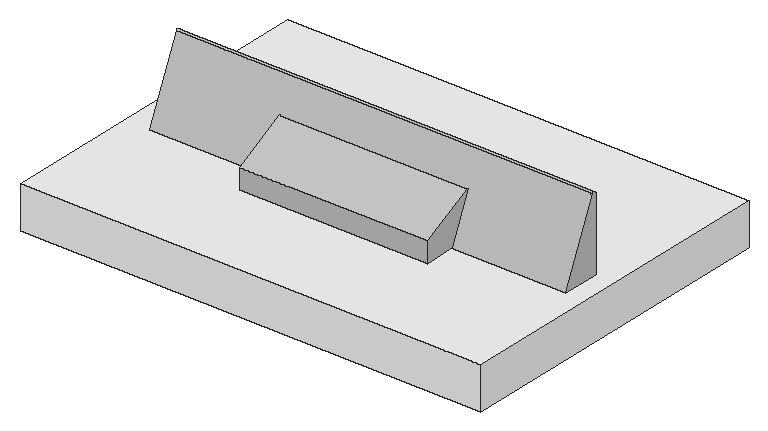
Revit family "WSW4120", category Plumbing Fixtures, host Face, Revit 2022
Family settings
  Host = Face
  Round Connector Dimension = Use Diameter
  Part Type = Normal
  OmniClass Number = 23.45.05.14.14
  OmniClass Title = Sinks/Lavatories
  Cut with Voids When Loaded = No
  Maintain Annotation Orientation = No
  Shared = Yes
  Room Calculation Point = No
Parameters (values of type "WSW4120-TC2")
  Width = 21 5/8"  # constant formula
  Waste Connection Radius = 3/4"
  Waste Connection Diameter = Waste Connection Radius * 2  # 1 1/2"
  Waste Connection = yes
  WFU = 4  # constant formula
  Vent Connection = no
  URL = "https://acorneng.com/home"
  Type Comments = "WEDGE™ Stainless Steel Trough Sink"  # constant formula
  Sink Inner Width = 15 3/4"  # constant formula
  Sink Inner Length = 117 5/8"  # constant formula
  SW000 - PTC Daisy Strainer, Tailpiece, 1-1/2” P-Trap, Chrome = no
  SW000 - PT Daisy Strainer, Tailpiece, 1-1/2” P-Trap, Plastic = no
  SW000 - F70 S/T Pushbutton Metering Faucet, Plate = no
  SW000 - F60 S/T Sensor Operated Faucet,J Spout, Plate = no
  SW000 - F51 H&C Wristblade Faucet, Spout = no
  SW000 - F50 H&C Wristblade Faucet, Gooseneck Spout = no
  Product Page URL = "https://www.acorneng.com/product.aspx?ProductId=3664"
  Product Documentation Link = "https://www.acorneng.com/uploads/fileLibrary/WSW000.pdf"
  Price = "Prices may vary. Please consult Manufacturer Representative for most up-to-date price list."  # constant formula
  PS1000 - PS Pump Soap Dispenser, Specify number = no
  Model = "WSW4120"  # constant formula
  Manufacturer = "Acorn Engineering"  # constant formula
  Length = 119 5/8"  # constant formula
  Installation Type = "Wall Mounted"  # constant formula
  IAPMO Compliance = "Complies with UPC/cUPC and ASME A112.19.3"  # constant formula
  Hot Water Connection Radius = 21/32"  # constant formula
  Hot Water Connection Diameter = Hot Water Connection Radius * 2  # 1 5/16"
  Height = 19 1/4"  # constant formula
  HWFU = 3  # constant formula
  HW Connection = yes
  Flow Rate = "0.5 GPM (1.9 LPM) for faucet type"
  EG - Enviro-Glaze, Specify Color = no
  Diameter For Soap Knockout = 1 3/8"  # constant formula
  Description = "Neo-Metro® by Acorn® provides this durable, stainless steel trough sink. It is available in sizes to accommodate from one to four users. The design is perfect for high-traffic restrooms, incorporating ample personal space while reducing wet, slippery floors.\r\n\r\nThe WSW000 Series hand washing station is wall mounted and features a unique “wedge”-shaped trough (patent pending) with a polished stainless steel finish and rounded corners.\r\n\r\nOptional trap enclosures are available to conceal hot and cold mixing valves and supply/waste connections while providing easy maintenance access. The enclosure is fabricated of 16 gauge, type 304 stainless steel with a satin finish. It is available in 24\" (610 mm) or 54\" (1,372 mm) widths.\r\n\r\nWhen mounted at 34\" (864 mm) from the finished floor, the fixture will comply with ANSI, UFAS, CBC, OBC, and ADA requirements. Compliance is subject to the interpretation and requirements of the local code authority."
  Default Elevation = 34"
  DSW000-TC2Accessory: Single 54" Wide Trap Enclosure = yes
  Creation Date = "02/12/2021"  # constant formula
  Cold Water Connection Radius = 21/32"  # constant formula
  Cold Water Connection Diameter = Cold Water Connection Radius * 2  # 1 5/16"
  CWFU = 3  # constant formula
  CW Connection = yes
  Bowl Shape = "Trough"  # constant formula
  Body Material = Metal-Acorn-304-Stainless_Steel-16-Gauge
  Trap Enclosure Width = 54"  # constant formula
  Assembly Code = "D2010440"
  ADA Compliant = yes
Reference planes (in)
  plane 1 "Center (Front/Back)": y = 0
  plane 2: z = 0
  plane 3 "Center (Left/Right)": x = 0
  plane 4: x = 59.8125
  plane 5: x = -59.8125
  plane 6: z = 21.625
  plane 7: x = -58.8125
  plane 8: x = 58.8125
  plane 9: z = 20.0625
  plane 10: z = 4.3125
  plane 11: y = -2.5
  plane 12: y = 1
  plane 13: y = -34
  plane 14: y = -19.25
  plane 15: x = 27
  plane 16: x = -27
  plane 17: z = 6.1875
  plane 18: y = -3.5
  plane 19: z = 2.4375
  plane 20: z = 2.3125
  plane 21: x = 46.8125
  plane 22: x = 43.3125
  plane 23: x = 51.8125
  plane 24: y = 0.1
  plane 25: y = 2
  plane 26: y = -13
  plane 27: y = -8.75
  plane 28: y = -10
  plane 29: x = -9.25
  plane 30: x = -4.25
  plane 31: x = 9
  plane 32: x = 46.8125
  plane 33: x = -46.8125
  plane 34: x = 58.8125
  plane 35: x = 45.0625
  plane 36: x = 17.0625
  plane 37: x = 13.0625
  plane 38: x = 22.0625
  plane 39: x = 15.0625
  plane 40: x = -13.0625
  plane 41: x = -17.0625
  plane 42: x = -8.0625
  plane 43: x = -15.0625
  plane 44: x = -43.0625
  plane 45: x = -47.0625
  plane 46: x = -38.0625
  plane 47: x = -45.0625
Forms (in)
  Extrusion 1, solid, material "White"
    sketch origin (0, 0, 0) x (1, 0, 0) y (0, 1, 0)
      loop
        line (-67, 48) -> (-67, -48) -> (65.34541, -48) -> (65.34541, 48) -> (-67, 48)
    from 0 to -12
  Extrusion 2, solid, material "Metal-Acorn-304-Stainless_Steel-16-Gauge" <- "Body Material"
    sketch origin (15, 27.86079, 0) x (0, -1, 0) y (0, 0, -1)
      loop
        line (27.86079, 0) -> (27.86079, -21.12158)
        arc (27.86079, -21.12158) -> (28.26001, -21.61305) -> (28.82287, -21.32304) r 0.50213
        line (28.82287, -21.32304) -> (38.3165, 0) -> (27.86079, 0)
    from -74.8125 to 44.8125
  Extrusion 3, solid, material "Metal-Acorn-304-Stainless_Steel-16-Gauge" <- "Body Material", visible <- "DSW000-TC2Accessory: Single 54" Wide Trap Enclosure"
    sketch origin (59.8125, 27.86079, 0) x (0, -1, 0) y (0, 0, -1)
      loop
        line (47.11079, 0) -> (38.3165, 0) -> (32.63097, -12.76992) -> (47.11079, -5.73249) -> (47.11079, 0)
    from -86.8125 to -32.8125
  Extrusion 4, void
    sketch origin (15, -2.5, 0) x (0, 0, -1) y (1, 0, 0)
      loop
        circle (-6.1875, -15) r 0.75
    from -3.5 to 1
  Extrusion 5, void
    sketch origin (30, 0, 0) x (0, 0, -1) y (1, 0, 0)
      loop
        circle (-2.4375, 16.8125) r 0.65625
    from -1 to 2.5
  Extrusion 6, void
    sketch origin (0, 0, 0) x (0, 0, -1) y (1, 0, 0)
      loop
        circle (-2.4375, 43.3125) r 0.65625
    from -1 to 2.5
  Extrusion 7, solid, material "Metal-Acorn-304-Stainless_Steel-16-Gauge"
    sketch origin (37, 0, 0) x (0, 0, 1) y (1, 0, 0)
      loop
        circle (2.3125, 14.8125) r 0.6875
    from 0 to 0.1
  Extrusion 8, solid
    sketch origin (0, 0, 0) x (1, 0, 0) y (0, 1, 0)
      loop
        circle (0, -8.75) r 0.75
    from 0 to 0.1
  Extrusion 9, solid
    sketch origin (0, 0, 0) x (1, 0, 0) y (0, 1, 0)
      loop
        circle (-4.25, -13) r 0.65625
    from 0 to 0.1
  Extrusion 10, solid
    sketch origin (-13.5, 0, 0) x (-1, 0, 0) y (0, -1, 0)
      loop
        circle (-4.25, 13) r 0.65625
    from 0 to 0.1
  Extrusion 11, solid, material "Metal-Acorn-304-Stainless_Steel-16-Gauge"
    sketch origin (7.0625, 0, 0) x (0, 0, 1) y (1, 0, 0)
      loop
        circle (2.3125, 15) r 0.6875
    from 0 to 0.1
  Extrusion 12, void
    sketch origin (-30, 0, 0) x (0, 0, -1) y (1, 0, 0)
      loop
        circle (-2.4375, 43.0625) r 0.65625
    from -1 to 2.5
  Extrusion 13, void
    sketch origin (0, 0, 0) x (0, 0, -1) y (1, 0, 0)
      loop
        circle (-2.4375, 17.0625) r 0.65625
    from -1 to 2.5
  Extrusion 14, solid, material "Metal-Acorn-304-Stainless_Steel-16-Gauge"
    sketch origin (-23.25, 0, 0) x (0, 0, 1) y (1, 0, 0)
      loop
        circle (2.3125, 15.1875) r 0.6875
    from 0 to 0.1
  Extrusion 15, solid, material "Metal-Acorn-304-Stainless_Steel-16-Gauge"
    sketch origin (-53, 0, 0) x (0, 0, 1) y (1, 0, 0)
      loop
        circle (2.3125, 14.9375) r 0.6875
    from 0 to 0.1
  Extrusion 16, void
    sketch origin (-30, 0, 0) x (0, 0, -1) y (1, 0, 0)
      loop
        circle (-2.4375, 16.9375) r 0.65625
    from -1 to 2.5
  Extrusion 17, void
    sketch origin (-60, 0, 0) x (0, 0, -1) y (1, 0, 0)
      loop
        circle (-2.4375, 42.9375) r 0.65625
    from -1 to 2.5
  Extrusion 18, void
    sketch origin (-90, 0, 0) x (0, 0, -1) y (1, 0, 0)
      loop
        circle (-2.4375, 42.9375) r 0.65625
    from -1 to 2.5
  Extrusion 19, void
    sketch origin (-60, 0, 0) x (0, 0, -1) y (1, 0, 0)
      loop
        circle (-2.4375, 16.9375) r 0.65625
    from -1 to 2.5
  Extrusion 20, void
    sketch origin (-59.8125, 27.86079, 0) x (0, -1, 0) y (0, 0, -1)
      loop
        line (25.86079, -4.3125) -> (25.86079, -20.0625) -> (28.44961, -20.0625) -> (29.61079, -8.3125) -> (30.36079, -8.3125) -> (30.36079, -4.3125) -> (25.86079, -4.3125)
    from 1 to 118.625
  Extrusion 21, void
    sketch origin (28.25, 0, 0) x (0, 0, -1) y (1, 0, 0)
      loop
        circle (-2.4375, 16.8125) r 0.65625
    from -1 to 2.5
  Extrusion 22, void
    sketch origin (-2, 0, 0) x (0, 0, -1) y (1, 0, 0)
      loop
        circle (-2.4375, 17.0625) r 0.65625
    from -1 to 2.5
  Extrusion 23, void
    sketch origin (-32, 0, 0) x (0, 0, -1) y (1, 0, 0)
      loop
        circle (-2.4375, 16.9375) r 0.65625
    from -1 to 2.5
  Extrusion 24, void
    sketch origin (-62, 0, 0) x (0, 0, -1) y (1, 0, 0)
      loop
        circle (-2.4375, 16.9375) r 0.65625
    from -1 to 2.5
Cuts and joins
  Extrusion 4, Extrusion 5, Extrusion 6, Extrusion 12, Extrusion 13, Extrusion 16, Extrusion 17, Extrusion 18, Extrusion 19, Extrusion 20, Extrusion 21, Extrusion 22, Extrusion 23, Extrusion 24 cuts Extrusion 2
  Extrusion 4, Extrusion 5 cuts Extrusion 3
Lines and regions (in)
  Masking region 1
    outline origin (15, 0, 0) x (0, 0, 1) y (1, 0, 0)
      loop
        line (21.625, 44.8125) -> (0, 44.8125) -> (0, -74.8125) -> (21.625, -74.8125) -> (21.625, 44.8125)
  symbolic lines, detail levels medium+fine
    curve 1: line (58.625, 0, 20.0625) -> (58.625, 0, 4.3125)
    curve 2: line (-58.625, 0, 20.0625) -> (58.625, 0, 20.0625)
    curve 3: line (-58.625, 0, 4.3125) -> (-58.625, 0, 20.0625)
    curve 4: line (58.625, 0, 4.3125) -> (-58.625, 0, 4.3125)
    curve 5: circle (0, 0, 6.1875) r 0.75 normal (0, -1, 0)
    curve 6: circle (43.3125, 0, 2.4375) r 0.65625 normal (0, -1, 0)
    curve 7: circle (46.8125, 0, 2.4375) r 0.65625 normal (0, -1, 0)
    curve 9: circle (13.0625, 0, 2.43711) r 0.65586 normal (0, -1, 0)
    curve 10: circle (17.0625, 0, 2.43711) r 0.65586 normal (0, -1, 0)
    curve 13: circle (-13.0625, 0, 2.4375) r 0.65625 normal (0, -1, 0)
    curve 14: circle (-17.0625, 0, 2.4375) r 0.65625 normal (0, -1, 0)
    curve 16: circle (-43.0625, 0, 2.4375) r 0.65625 normal (0, -1, 0)
    curve 17: line (-58.625, 0, 8.3125) -> (58.625, 0, 8.3125)
    curve 18: circle (45.0625, 0, 2.4375) r 0.65625 normal (0, -1, 0)
    curve 19: circle (15.0625, 0, 2.43711) r 0.65586 normal (0, -1, 0)
    curve 20: circle (-15.0625, 0, 2.4375) r 0.65625 normal (0, -1, 0)
    curve 21: circle (-45.0625, 0, 2.4375) r 0.65625 normal (0, -1, 0)
    curve 22: circle (-47.0625, 0, 2.4375) r 0.65625 normal (0, -1, 0)
  symbolic lines, detail levels fine
    curve 8: circle (51.8125, 0, 2.3125) r 0.65625 normal (0, 1, 0)
    curve 11: circle (22.0625, 0, 2.3125) r 0.65625 normal (0, 1, 0)
    curve 12: circle (-8.0625, 0, 2.3125) r 0.65625 normal (0, 1, 0)
    curve 15: circle (-38.0625, 0, 2.3125) r 0.65625 normal (0, 1, 0)
Dimensions and locks (in)
  equal spacing: plane 5, plane 3 "Center (Left/Right)", plane 4
  "Length": plane 5 to plane 4
  "Width": level to plane 6
  plane 6 to plane 2 = 21 5/8"
  equal spacing: plane 7, plane 3 "Center (Left/Right)", plane 8
  "Sink Inner Width": plane 10 to plane 9
  locked: plane 11 to plane 1 "Center (Front/Back)" at 2.5
  locked: plane 1 "Center (Front/Back)" to plane 12 at 1
  locked: plane 9 to plane 6 at 1.5625
  "Default Elevation": plane 13 to plane 1 "Center (Front/Back)"
  "Height": plane 14 to plane 1 "Center (Front/Back)"
  equal spacing: plane 16, plane 3 "Center (Left/Right)", plane 15
  "Trap Enclosure Width": plane 16 to plane 15
  locked: plane 18 to plane 11 at 1
  plane 19 to plane 10 = 1 7/8"
  plane 20 to plane 10 = 2"
  cut or joined group 1 (Extrusion 2, Extrusion 4, Extrusion 5, Extrusion 6, Extrusion 12, Extrusion 13, Extrusion 16, Extrusion 17, Extrusion 18, Extrusion 19, Extrusion 20, Extrusion 21, Extrusion 22, Extrusion 23, Extrusion 24) to plane 24 to plane 12 = 0.1" locked, 0.9"
  plane 1 "Center (Front/Back)" to plane 25 = 2"
  plane 27 to plane 13 = 25 1/4"
  plane 26 to plane 13 = 21"
  plane 28 to plane 13 = 24"
  plane 29 to plane 3 "Center (Left/Right)" = 9 1/4"
  plane 29 to plane 30 = 5"
  plane 3 "Center (Left/Right)" to plane 31 = 9"
  equal spacing: plane 33, plane 3 "Center (Left/Right)", plane 32
  plane 5 to plane 33 = 13"
  plane 3 "Center (Left/Right)" to plane 33 = 46 13/16"
  plane 22 to plane 21 = 3 1/2"
  locked: plane 21 to plane 23 at 5
  plane 32 to plane 34 = 12"
  plane 7 to plane 33 = 12"
  equal spacing: plane 22, plane 35, plane 21
  plane 35 to plane 4 = 14 3/4"
  locked: plane 37 to plane 36 at 4
  locked: plane 36 to plane 38 at 5
  equal spacing: plane 37, plane 39, plane 36
  locked: plane 41 to plane 40 at 4
  locked: plane 40 to plane 42 at 5
  equal spacing: plane 41, plane 43, plane 40
  plane 45 to plane 44 = 4"
  locked: plane 44 to plane 46 at 5
  equal spacing: plane 45, plane 47, plane 44
  plane 5 to plane 47 = 14 3/4"
  plane 47 to plane 43 = 30"
  "Sink Inner Length": plane 34 to plane 7
  plane 39 to plane 35 = 30"
  plane 5 to plane 4 = 119 5/8"
  plane 6 to Extrusion 1 = 21 5/8"
  "Waste Connection Radius": radius of Extrusion 4 sketch curve
  "Cold Water Connection Radius": radius of Extrusion 5 sketch curve
  "Hot Water Connection Radius": radius of Extrusion 6 sketch curve
  "Diameter For Soap Knockout": diameter of Extrusion 7 sketch curve
  "Waste Connection Radius": radius of Extrusion 8 sketch curve
  "Cold Water Connection Radius": radius of Extrusion 9 sketch curve
  "Cold Water Connection Radius": radius of Extrusion 10 sketch curve
  "Diameter For Soap Knockout": diameter of Extrusion 11 sketch curve
  "Hot Water Connection Radius": radius of Extrusion 12 sketch curve
  "Cold Water Connection Radius": radius of Extrusion 13 sketch curve
  "Diameter For Soap Knockout": diameter of Extrusion 14 sketch curve
  "Diameter For Soap Knockout": diameter of Extrusion 15 sketch curve
  "Cold Water Connection Radius": radius of Extrusion 16 sketch curve
  "Hot Water Connection Radius": radius of Extrusion 17 sketch curve
  "Hot Water Connection Radius": radius of Extrusion 18 sketch curve
  "Cold Water Connection Radius": radius of Extrusion 19 sketch curve
  "Cold Water Connection Radius": radius of Extrusion 21 sketch curve
  "Cold Water Connection Radius": radius of Extrusion 22 sketch curve
  "Cold Water Connection Radius": radius of Extrusion 23 sketch curve
  "Cold Water Connection Radius": radius of Extrusion 24 sketch curve
  aligned and locked: plane 2 to Extrusion 1
  aligned and locked: level to Extrusion 1
  aligned and locked: plane 5 to Extrusion 2
  aligned and locked: Extrusion 2 to plane 4
  aligned and locked: Extrusion 1 to Extrusion 3 sketch curve
  aligned and locked: plane 14 to Extrusion 3 sketch curve
  aligned and locked: plane 16 to Extrusion 3
  aligned and locked: Extrusion 3 to plane 15
  aligned and locked: plane 17 to Extrusion 4 sketch curve
  aligned and locked: plane 3 "Center (Left/Right)" to Extrusion 4 sketch curve
  aligned and locked: Extrusion 4 to plane 18
  aligned and locked: plane 21 to Extrusion 5 sketch curve
  aligned and locked: plane 19 to Extrusion 5 sketch curve
  aligned and locked: plane 22 to Extrusion 6 sketch curve
  aligned and locked: plane 19 to Extrusion 6 sketch curve
  aligned and locked: plane 23 to Extrusion 7 sketch curve
  aligned and locked: plane 20 to Extrusion 7 sketch curve
  aligned and locked: plane 1 "Center (Front/Back)" to Extrusion 7
  aligned and locked: plane 24 to Extrusion 7
  aligned and locked: plane 3 "Center (Left/Right)" to Extrusion 8 sketch curve
  aligned and locked: plane 27 to Extrusion 8 sketch curve
  aligned and locked: plane 30 to Extrusion 9 sketch curve
  aligned and locked: plane 26 to Extrusion 9 sketch curve
  aligned and locked: plane 29 to Extrusion 10 sketch curve
  aligned and locked: plane 26 to Extrusion 10 sketch curve
  aligned and locked: Extrusion 10 to Extrusion 9
  aligned and locked: Extrusion 8 to Extrusion 9
  aligned and locked: Masking region 1 sketch curve to cut or joined group 1  (x3)
  aligned and locked: curve 5 to cut or joined group 1
  aligned and locked: curve 6 to cut or joined group 1
  aligned and locked: curve 7 to cut or joined group 1
  aligned and locked: plane 38 to Extrusion 11 sketch curve
  aligned and locked: plane 12 to Extrusion 4
  aligned and locked: plane 36 to Extrusion 13 sketch curve
  aligned and locked: plane 19 to Extrusion 13 sketch curve
  aligned and locked: plane 37 to Extrusion 12 sketch curve
  aligned and locked: plane 19 to Extrusion 12 sketch curve
  aligned and locked: plane 20 to Extrusion 11 sketch curve
  aligned and locked: plane 42 to Extrusion 14 sketch curve
  aligned and locked: plane 20 to Extrusion 14 sketch curve
  aligned and locked: plane 46 to Extrusion 15 sketch curve
  aligned and locked: plane 20 to Extrusion 15 sketch curve
  aligned and locked: Extrusion 3 sketch curve to cut or joined group 1
  aligned and locked: Extrusion 20 sketch curve to plane 25
  aligned and locked: Extrusion 20 sketch curve to plane 10
  aligned and locked: Extrusion 20 sketch curve to plane 11
  aligned and locked: plane 9 to Extrusion 20 sketch curve
  aligned and locked: Extrusion 20 to plane 8
  aligned and locked: plane 7 to Extrusion 20
  aligned and locked: curve 4 to plane 10
  aligned and locked: plane 19 to Extrusion 16 sketch curve
  aligned and locked: plane 40 to Extrusion 16 sketch curve
  aligned and locked: plane 19 to Extrusion 17 sketch curve
  aligned and locked: plane 41 to Extrusion 17 sketch curve
  aligned and locked: curve 13 to cut or joined group 1
  aligned and locked: curve 14 to cut or joined group 1
  aligned and locked: plane 44 to Extrusion 19 sketch curve
  aligned and locked: plane 45 to Extrusion 18 sketch curve
  aligned and locked: curve 16 to cut or joined group 1
  aligned and locked: cut or joined group 1 to curve 17
  aligned and locked: plane 35 to Extrusion 21 sketch curve
  aligned and locked: plane 19 to Extrusion 21 sketch curve
  aligned and locked: plane 39 to Extrusion 22 sketch curve
  aligned and locked: plane 19 to Extrusion 22 sketch curve
  aligned and locked: plane 43 to Extrusion 23 sketch curve
  aligned and locked: plane 19 to Extrusion 23 sketch curve
  aligned and locked: plane 47 to Extrusion 24 sketch curve
  aligned and locked: plane 19 to Extrusion 19 sketch curve
  aligned and locked: plane 19 to Extrusion 24 sketch curve
  aligned and locked: plane 19 to Extrusion 18 sketch curve
Automatic sketch dimensions
  Extrusion 1 sketch curve to Extrusion 1 sketch curve = 132.34541"
  Extrusion 1 sketch curve to Extrusion 1 sketch curve = 96"
  Extrusion 2 sketch curve to plane 1 "Center (Front/Back)" = 0"
  Extrusion 2 sketch curve to level = 0"
  plane 1 "Center (Front/Back)" to Extrusion 2 sketch curve = 0.50213"
  Extrusion 2 sketch curve to plane 6 = 0.30196"
  Extrusion 2 sketch curve to Extrusion 2 sketch curve = 0.45995"
  Extrusion 2 sketch curve to plane 28 = 0.45571"
  Extrusion 3 sketch curve to Extrusion 2 = 4.77018"
  Extrusion 3 sketch curve to Extrusion 2 = 5.73249"
  Extrusion 2 to Masking region 1 sketch curve = 0.50342"
  Extrusion 2 to Extrusion 20 sketch curve = 0.58881"
  Extrusion 20 sketch curve to Extrusion 20 sketch curve = 3/4"
  Extrusion 20 sketch curve to Extrusion 20 sketch curve = 4"
  curve 8 to Masking region 1 = 2 5/16"
  curve 10 to Masking region 1 = 2.43711"
  curve 19 to curve 10 = 0"
  curve 9 to curve 19 = 0"
  curve 18 to curve 7 = 0"
  curve 20 to curve 14 = 0"
  curve 22 to Masking region 1 = 2 7/16"
  curve 21 to curve 22 = 0"
  curve 2 to Masking region 1 = 1 9/16"
  curve 21 to curve 16 = 2"
  curve 22 to curve 21 = 2"
  curve 3 to Masking region 1 = 1 3/16"
  curve 14 to curve 20 = 2"
  curve 9 to curve 11 = 9"
  curve 9 to curve 19 = 2"
  curve 19 to curve 10 = 2"
  curve 18 to curve 7 = 1 3/4"
  curve 7 to curve 8 = 5"
  curve 4 to Masking region 1 = 1 3/16"
  curve 11 to Masking region 1 = 2 5/16"
  curve 5 to curve 9 = 13 1/16"
  curve 12 to Masking region 1 = 2 5/16"
  curve 13 to curve 12 = 5"
  curve 15 to Masking region 1 = 2 5/16"
  curve 16 to curve 15 = 5"
  radius of curve 8 = 21/32"
  radius of curve 9 = 0.65586"
  radius of curve 10 = 0.65586"
  radius of curve 18 = 21/32"
  radius of curve 19 = 0.65586"
  radius of curve 20 = 21/32"
  radius of curve 21 = 21/32"
  radius of curve 22 = 21/32"
  radius of curve 11 = 21/32"
  radius of curve 12 = 21/32"
  radius of curve 15 = 21/32"
Connectors (in)
  piping at (43.3125, 0, 2.4375), diameter 1.3125, driven by "Hot Water Connection Diameter", driven by "HWFU"
    settings: on cut or joined group 1, index 2, connector inside diameter 24", connector length 0", flow factor 0, pipe flow 0 GPM, pressure drop 0.00 psi, fitting loss kfactor 0, connector angle 0.00°, fixture units 3, engagement length 0", angle of deflection 0.00°, flow configuration 3, flow direction 1, fitting loss method 0, system type 19, joint type 0, gender type 0, connector reference index -1, connector utility 0, adjustable connector no, is connector primary no, connector description "1 1/2\" NPT, HW Inlet Connection 1"
  piping at (46.8125, 0, 2.4375), diameter 1.3125, driven by "Cold Water Connection Diameter", driven by "CWFU"
    settings: on cut or joined group 1, index 3, connector inside diameter 24", connector length 0", flow factor 0, pipe flow 0 GPM, pressure drop 0.00 psi, fitting loss kfactor 0, connector angle 0.00°, fixture units 3, engagement length 0", angle of deflection 0.00°, flow configuration 3, flow direction 1, fitting loss method 0, system type 20, joint type 0, gender type 0, connector reference index -1, connector utility 0, adjustable connector no, is connector primary yes, connector description "1 1/2\" NPT, CW Inlet Connection 1"
  piping at (17.0625, 0, 2.4375), diameter 1.3125, driven by "Cold Water Connection Diameter", driven by "CWFU"
    settings: on cut or joined group 1, index 6, connector inside diameter 24", connector length 0", flow factor 0, pipe flow 0 GPM, pressure drop 0.00 psi, fitting loss kfactor 0, connector angle 0.00°, fixture units 3, engagement length 0", angle of deflection 0.00°, flow configuration 3, flow direction 1, fitting loss method 0, system type 20, joint type 0, gender type 0, connector reference index -1, connector utility 0, adjustable connector no, is connector primary no, connector description "1 1/2\" NPT, CW Inlet Connection 2"
  piping at (13.0625, 0, 2.4375), diameter 1.3125, driven by "Hot Water Connection Diameter", driven by "HWFU"
    settings: on cut or joined group 1, index 7, connector inside diameter 24", connector length 0", flow factor 0, pipe flow 0 GPM, pressure drop 0.00 psi, fitting loss kfactor 0, connector angle 0.00°, fixture units 3, engagement length 0", angle of deflection 0.00°, flow configuration 3, flow direction 1, fitting loss method 0, system type 19, joint type 0, gender type 0, connector reference index -1, connector utility 0, adjustable connector no, is connector primary no, connector description "1 1/2\" NPT, HW Inlet Connection 2"
  piping at (-13.0625, 0, 2.4375), diameter 1.3125, driven by "Cold Water Connection Diameter", driven by "CWFU"
    settings: on cut or joined group 1, index 12, connector inside diameter 24", connector length 0", flow factor 0, pipe flow 0 GPM, pressure drop 0.00 psi, fitting loss kfactor 0, connector angle 0.00°, fixture units 3, engagement length 0", angle of deflection 0.00°, flow configuration 3, flow direction 1, fitting loss method 0, system type 20, joint type 0, gender type 0, connector reference index -1, connector utility 0, adjustable connector no, is connector primary no, connector description "1 1/2\" NPT, CW Inlet Connection 3"
  piping at (-17.0625, 0, 2.4375), diameter 1.3125, driven by "Hot Water Connection Diameter", driven by "HWFU"
    settings: on cut or joined group 1, index 13, connector inside diameter 24", connector length 0", flow factor 0, pipe flow 0 GPM, pressure drop 0.00 psi, fitting loss kfactor 0, connector angle 0.00°, fixture units 3, engagement length 0", angle of deflection 0.00°, flow configuration 3, flow direction 1, fitting loss method 0, system type 19, joint type 0, gender type 0, connector reference index -1, connector utility 0, adjustable connector no, is connector primary no, connector description "1 1/2\" NPT, HW Inlet Connection 3"
  piping at (-43.0625, 0, 2.4375), diameter 1.3125, driven by "Cold Water Connection Diameter", driven by "CWFU"
    settings: on cut or joined group 1, index 14, connector inside diameter 24", connector length 0", flow factor 0, pipe flow 0 GPM, pressure drop 0.00 psi, fitting loss kfactor 0, connector angle 0.00°, fixture units 3, engagement length 0", angle of deflection 0.00°, flow configuration 3, flow direction 1, fitting loss method 0, system type 20, joint type 0, gender type 0, connector reference index -1, connector utility 0, adjustable connector no, is connector primary no, connector description "1 1/2\" NPT, CW Inlet Connection 4"
  piping at (-47.0625, 0, 2.4375), diameter 1.3125, driven by "Hot Water Connection Diameter", driven by "HWFU"
    settings: on cut or joined group 1, index 15, connector inside diameter 24", connector length 0", flow factor 0, pipe flow 0 GPM, pressure drop 0.00 psi, fitting loss kfactor 0, connector angle 0.00°, fixture units 3, engagement length 0", angle of deflection 0.00°, flow configuration 3, flow direction 1, fitting loss method 0, system type 19, joint type 0, gender type 0, connector reference index -1, connector utility 0, adjustable connector no, is connector primary no, connector description "1 1/2\" NPT, HW Inlet Connection 4"
  piping at (0, -2.5, 6.1875), diameter 1.5, driven by "Waste Connection Diameter", driven by "WFU"
    settings: on cut or joined group 1, index 16, connector inside diameter 24", connector length 0", flow factor 0, pipe flow 0 GPM, pressure drop 0.00 psi, fitting loss kfactor 0, connector angle 0.00°, fixture units 4, engagement length 0", angle of deflection 0.00°, flow configuration 3, flow direction 2, fitting loss method 0, system type 16, joint type 0, gender type 0, connector reference index -1, connector utility 0, adjustable connector no, is connector primary no, connector description "1 1/2\" Waste Outlet Connection"
